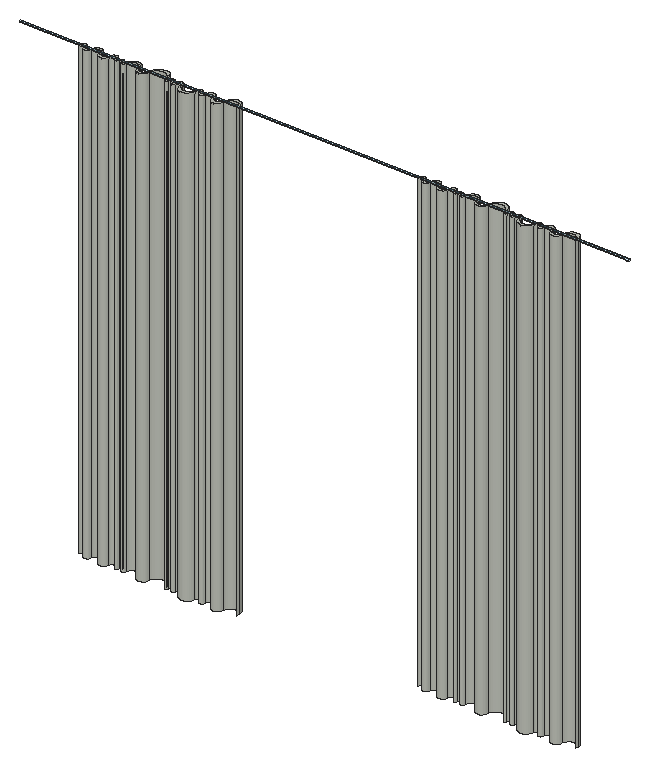
Revit family "Curtains_9168", category Generic Models, Revit 2012
Reference planes (in)
  plane 1 "Center (Front/Back)": y = 0
  plane 2: z = 0
  plane 3 "Center (Left/Right)": x = 0
Forms (in)
  Extrusion 1, solid, material "Living Room Curtain"
    sketch origin (50.75, 0, 0) x (-1, 0, 0) y (0, -1, 0)
      loop
        arc (-0.25, 0) -> (1.375, -1.625) -> (3, 0) r 1.625
        arc (3, 0) -> (4.25, 1.25) -> (5.5, 0) r 1.25
        arc (5.5, 0) -> (6.375, -0.875) -> (7.25, 0) r 0.875
        arc (7.25, 0) -> (7.875, 0.625) -> (8.5, 0) r 0.625
        arc (8.5, 0) -> (9, -0.5) -> (9.5, 0) r 0.5
        arc (9.5, 0) -> (11.25, 1.75) -> (13, 0) r 1.75
        arc (13, 0) -> (13.5, -0.5) -> (14, 0) r 0.5
        arc (14, 0) -> (14.5, 0.5) -> (15, 0) r 0.5
        arc (15, 0) -> (15.375, -0.375) -> (15.75, 0) r 0.375
        arc (15.75, 0) -> (16.125, 0.375) -> (16.5, 0) r 0.375
        arc (16.5, 0) -> (18.5, -2) -> (20.5, 0) r 2
        arc (20.5, 0) -> (21.75, 1.25) -> (23, 0) r 1.25
        arc (23, 0) -> (24.375, -1.375) -> (25.75, 0) r 1.375
        arc (25.75, 0) -> (26.25, 0.5) -> (26.75, 0) r 0.5
        arc (26.75, 0) -> (27.125, -0.375) -> (27.5, 0) r 0.375
        arc (27.5, 0) -> (27.875, 0.375) -> (28.25, 0) r 0.375
        arc (28.25, 0) -> (29, -0.75) -> (29.75, 0) r 0.75
        arc (29.75, 0) -> (30.875, 1.125) -> (32, 0) r 1.125
        arc (32, 0) -> (33, -1) -> (34, 0) r 1
        arc (34, 0) -> (34.75, 0.75) -> (35.5, 0) r 0.75
        arc (35.5, 0) -> (36.125, -0.625) -> (36.75, 0) r 0.625
        line (36.75, 0) -> (36.73208, 0.51307)
        arc (36.73208, 0.51307) -> (36.061, 0.00253) -> (35.49219, 0.625) r 0.625
        arc (35.49219, 0.625) -> (34.74219, 1.375) -> (33.99219, 0.625) r 0.75
        arc (33.99219, 0.625) -> (32.99219, -0.375) -> (31.99219, 0.625) r 1
        arc (31.99219, 0.625) -> (30.86719, 1.75) -> (29.74219, 0.625) r 1.125
        arc (29.74219, 0.625) -> (28.99219, -0.125) -> (28.24219, 0.625) r 0.75
        arc (28.24219, 0.625) -> (27.86719, 1) -> (27.49219, 0.625) r 0.375
        arc (27.49219, 0.625) -> (27.11719, 0.25) -> (26.74219, 0.625) r 0.375
        arc (26.74219, 0.625) -> (26.24219, 1.125) -> (25.74219, 0.625) r 0.5
        arc (25.74219, 0.625) -> (24.36719, -0.75) -> (22.99219, 0.625) r 1.375
        arc (22.99219, 0.625) -> (21.72067, 1.87481) -> (20.49293, 0.58196) r 1.25
        arc (20.49293, 0.58196) -> (18.41591, -1.24823) -> (16.5, 0.75) r 2
        arc (16.5, 0.75) -> (16.125, 1.125) -> (15.75, 0.75) r 0.375
        arc (15.75, 0.75) -> (15.375, 0.375) -> (15, 0.75) r 0.375
        arc (15, 0.75) -> (14.5, 1.25) -> (14, 0.75) r 0.5
        arc (14, 0.75) -> (13.5, 0.25) -> (13, 0.75) r 0.5
        arc (13, 0.75) -> (11.25, 2.5) -> (9.5, 0.75) r 1.75
        arc (9.5, 0.75) -> (9, 0.25) -> (8.5, 0.75) r 0.5
        arc (8.5, 0.75) -> (7.875, 1.375) -> (7.25, 0.75) r 0.625
        arc (7.25, 0.75) -> (6.375, -0.125) -> (5.5, 0.75) r 0.875
        arc (5.5, 0.75) -> (4.25, 2) -> (3, 0.75) r 1.25
        arc (3, 0.75) -> (1.375, -0.875) -> (-0.25, 0.75) r 1.625
        line (-0.25, 0.75) -> (-0.25, 0)
    from 0 to 106
  Extrusion 2, solid, material "Living Room Curtain"
    sketch origin (129.75, 0, 0) x (-1, 0, 0) y (0, -1, 0)
      loop
        arc (-0.25, 0) -> (1.375, -1.625) -> (3, 0) r 1.625
        arc (3, 0) -> (4.25, 1.25) -> (5.5, 0) r 1.25
        arc (5.5, 0) -> (6.375, -0.875) -> (7.25, 0) r 0.875
        arc (7.25, 0) -> (7.875, 0.625) -> (8.5, 0) r 0.625
        arc (8.5, 0) -> (9, -0.5) -> (9.5, 0) r 0.5
        arc (9.5, 0) -> (11.25, 1.75) -> (13, 0) r 1.75
        arc (13, 0) -> (13.5, -0.5) -> (14, 0) r 0.5
        arc (14, 0) -> (14.5, 0.5) -> (15, 0) r 0.5
        arc (15, 0) -> (15.375, -0.375) -> (15.75, 0) r 0.375
        arc (15.75, 0) -> (16.125, 0.375) -> (16.5, 0) r 0.375
        arc (16.5, 0) -> (18.5, -2) -> (20.5, 0) r 2
        arc (20.5, 0) -> (21.75, 1.25) -> (23, 0) r 1.25
        arc (23, 0) -> (24.375, -1.375) -> (25.75, 0) r 1.375
        arc (25.75, 0) -> (26.25, 0.5) -> (26.75, 0) r 0.5
        arc (26.75, 0) -> (27.125, -0.375) -> (27.5, 0) r 0.375
        arc (27.5, 0) -> (27.875, 0.375) -> (28.25, 0) r 0.375
        arc (28.25, 0) -> (29, -0.75) -> (29.75, 0) r 0.75
        arc (29.75, 0) -> (30.875, 1.125) -> (32, 0) r 1.125
        arc (32, 0) -> (33, -1) -> (34, 0) r 1
        arc (34, 0) -> (34.75, 0.75) -> (35.5, 0) r 0.75
        arc (35.5, 0) -> (36.125, -0.625) -> (36.75, 0) r 0.625
        line (36.75, 0) -> (36.73208, 0.51307)
        arc (36.73208, 0.51307) -> (36.061, 0.00253) -> (35.49219, 0.625) r 0.625
        arc (35.49219, 0.625) -> (34.74219, 1.375) -> (33.99219, 0.625) r 0.75
        arc (33.99219, 0.625) -> (32.99219, -0.375) -> (31.99219, 0.625) r 1
        arc (31.99219, 0.625) -> (30.86719, 1.75) -> (29.74219, 0.625) r 1.125
        arc (29.74219, 0.625) -> (28.99219, -0.125) -> (28.24219, 0.625) r 0.75
        arc (28.24219, 0.625) -> (27.86719, 1) -> (27.49219, 0.625) r 0.375
        arc (27.49219, 0.625) -> (27.11719, 0.25) -> (26.74219, 0.625) r 0.375
        arc (26.74219, 0.625) -> (26.24219, 1.125) -> (25.74219, 0.625) r 0.5
        arc (25.74219, 0.625) -> (24.36719, -0.75) -> (22.99219, 0.625) r 1.375
        arc (22.99219, 0.625) -> (21.72067, 1.87481) -> (20.49293, 0.58196) r 1.25
        arc (20.49293, 0.58196) -> (18.41591, -1.24823) -> (16.5, 0.75) r 2
        arc (16.5, 0.75) -> (16.125, 1.125) -> (15.75, 0.75) r 0.375
        arc (15.75, 0.75) -> (15.375, 0.375) -> (15, 0.75) r 0.375
        arc (15, 0.75) -> (14.5, 1.25) -> (14, 0.75) r 0.5
        arc (14, 0.75) -> (13.5, 0.25) -> (13, 0.75) r 0.5
        arc (13, 0.75) -> (11.25, 2.5) -> (9.5, 0.75) r 1.75
        arc (9.5, 0.75) -> (9, 0.25) -> (8.5, 0.75) r 0.5
        arc (8.5, 0.75) -> (7.875, 1.375) -> (7.25, 0.75) r 0.625
        arc (7.25, 0.75) -> (6.375, -0.125) -> (5.5, 0.75) r 0.875
        arc (5.5, 0.75) -> (4.25, 2) -> (3, 0.75) r 1.25
        arc (3, 0.75) -> (1.375, -0.875) -> (-0.25, 0.75) r 1.625
        line (-0.25, 0.75) -> (-0.25, 0)
    from 0 to 106
  Sweep 3, solid, material "Glass"
    path origin (0, 0, 0) x (1, 0, 0) y (0, 1, 0)
      loop
        line (0, 0) -> (142, 0)
    profile origin (71, 0, 0) x (0, 1, 0) y (0, 0, 1)
      loop
        circle (0, 105.81673) r 0.25
